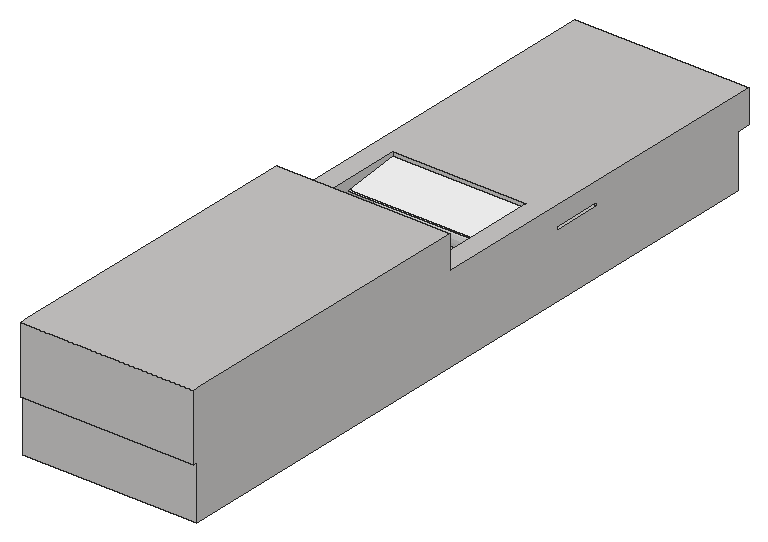
Revit family "Paper_Towel_Dispenser_Waste_Receptacle-Bobrick-Fino_Collection-B-9944_Series", category Specialty Equipment, host Face, Revit 2021
Family settings
  Host = Face
  Round Connector Dimension = Use Diameter
  Part Type = Normal
  OmniClass Number = 23.40.20.21.17
  OmniClass Title = Paper Towel Dispensers, Disposal Units
  Cut with Voids When Loaded = Yes
  Shared = Yes
  Room Calculation Point = No
Parameters (values of type "B-9944")
  Width = 13"  # constant formula
  URL = "https://www.bobrick.com/"
  Type Comments = ""
  Rough Wall Opening Width = 11 1/2"  # constant formula
  Rough Wall Opening Height = 51 1/4"  # constant formula
  Rough Wall Opening Depth = 4 1/4"  # constant formula
  Paper Towel Dispenser Material = Stainless Steel-Bobrick-Satin
  Paper Towel Dispenser Capacity = "500 C-fold, or 800 multifold paper towels"  # constant formula
  Minimum Recessed Depth = 4"
  Mounting Height = if(ADA, 66", 58")  # 66"
  Model = "B-9944"
  Material = "Stainless Steel-Bobrick-Satin"
  Manufacturer = "Bobrick"  # constant formula
  Label = ""
  Installation Type = "Semi Recessed Wall Mounted"  # constant formula
  Inner Frame Width = 11 1/4"  # constant formula
  Height = 52"  # constant formula
  Waste Container Material = Molded Plastic-Bobrick-Black
  Door Material = Stainless Steel-Bobrick-Satin
  Description = "Semi-Recessed Paper Towel Dispenser and Waste Receptacle"  # constant formula
  Depth Of Body = 5"  # constant formula
  Default Elevation = 0"
  Creation Date = "10/02/2025"  # constant formula
  Capacity = "Paper towel dispenser shall be capable of dispensing 500 C-fold, or 800 multifold paper towels."  # constant formula
  Cabinet Material = Stainless Steel-Bobrick-Satin
  Assembly Code = "C1030200"
  ADA Compliant = if(ADA, 1 > 0, 1 < 0)  # yes
  ADA = yes
  9944-14 Waste Receptacle Replacement = no
  4369-20.MBLK Matte Black Lock and Key = no
  4369-20 Satin Finish Lock and Key = no
Types (2): name | Paper Towel Dispenser Material | Model | Material | Door Material | Cabinet Material
  B-9944 | Stainless Steel-Bobrick-Satin | "B-9944" | "Stainless Steel-Bobrick-Satin" | Stainless Steel-Bobrick-Satin | Stainless Steel-Bobrick-Satin
  B-9944.MBLK | Stainless Steel-Bobrick-Matte Black | "B-9944.MBLK" | "Stainless Steel-Bobrick-Matte Black" | Stainless Steel-Bobrick-Matte Black | Stainless Steel-Bobrick-Matte Black
Reference planes (in)
  plane 1 "Center (Front/Back)": y = 0
  plane 2: z = 0
  plane 3 "Center (Left/Right)": x = 0
  plane 4: z = -4
  plane 5: y = -52
  plane 6: x = -6.5
  plane 7: x = 6.5
  plane 8 "FL": y = -66
  plane 9: y = -19
  plane 10: z = 5
  plane 11: z = 2.5
  plane 12: y = -28
  plane 13: y = -51.75
  plane 14: y = -1
  plane 15: x = -5.625
  plane 16: x = 5.625
  plane 17: y = -51.5
  plane 18: z = -4.25
  plane 19: y = -26
  plane 20: y = -0.375
  plane 21: y = -51.625
  plane 22: x = -5.625
  plane 23: x = 5.625
Forms (in)
  Extrusion 1, solid, material "Stainless Steel-Bobrick-Satin" <- "Paper Towel Dispenser Material"
    sketch origin (0, 0, 0) x (1, 0, 0) y (0, 1, 0)
      loop
        line (-6.5, 0) -> (-6.5, -28) -> (6.5, -28) -> (6.5, 0) -> (-6.5, 0)
    from 0 to 2.5
  Extrusion 2, solid, material "Stainless Steel-Bobrick-Satin" <- "Paper Towel Dispenser Material"
    sketch origin (0, 0, 0) x (1, 0, 0) y (0, 0, 1)
      loop
        line (6.5, 5) -> (-6.5, 5) -> (-6.5, 0) -> (-5, 0) -> (-5, 4.5) -> (5, 4.5) -> (5, 0) -> (6.5, 0) -> (6.5, 5)
    from 28 to 52
  Extrusion 3, void
    sketch origin (0, 0, 0) x (0, 1, 0) y (0, 0, 1)
      loop
        line (-17.96656, 1.06285) -> (-17.96656, 0.81285) -> (-14.21656, 0.81285) -> (-14.21656, 1.06285) -> (-17.96656, 1.06285)
    from -6.5 to 6.5
  Extrusion 4, solid, material "Stainless Steel-Bobrick-Satin" <- "Paper Towel Dispenser Material"
    sketch origin (0, 0, 0) x (0, 1, 0) y (0, 0, 1)
      loop
        line (-1, 0) -> (-51.75, 0) -> (-51.75, -4) -> (-1, -4) -> (-1, 0)
    from -6.5 to 6.5
  Extrusion 5, solid, material "Stainless Steel-Bobrick-Satin" <- "Paper Towel Dispenser Material"
    sketch origin (0, 0, 0) x (1, 0, 0) y (0, 1, 0)
      loop
        line (-6.5, -51.5) -> (-6.5, -52) -> (6.5, -52) -> (6.5, -51.5) -> (-6.5, -51.5)
    from 0 to 5
  Extrusion 6, void
    sketch origin (0, 0, 0) x (1, 0, 0) y (0, 1, 0)
      loop
        line (-5, -19) -> (-5, -28) -> (5, -28) -> (5, -19) -> (-5, -19)
    from -3.5 to 5
  Extrusion 7, void
    sketch origin (0, 0, 0) x (1, 0, 0) y (0, 0, 1)
      loop
        line (5, 4.5) -> (-5, 4.5) -> (-5, -3.5) -> (5, -3.5) -> (5, 4.5)
    from 28 to 51.5
  Extrusion 8, solid, material "Paper-Bobrick-White"
    sketch origin (0, 0, 0) x (0, 1, 0) y (0, 0, 1)
      loop
        arc (-20.54971, 1.12661) -> (-17.3758, -1.62117) -> (-19, 2.25) r 2.15581
        arc (-19, 2.25) -> (-21.04508, 1.95857) -> (-23.10243, 1.77264) r 40.17311
        arc (-23.10243, 1.77264) -> (-23.14984, 1.7187) -> (-23.09589, 1.67129) r 0.05078
        arc (-23.09589, 1.67129) -> (-22.07175, 1.75047) -> (-21.04997, 1.85575) r 40.27467
        arc (-21.04997, 1.85575) -> (-20.58009, 1.64195) -> (-20.54971, 1.12661) r 0.5
    from -5 to 5
  Extrusion 9, void
    sketch origin (0, 0, 0) x (1, 0, 0) y (0, 0, 1)
      loop
        line (5, 2.25) -> (-5, 2.25) -> (-5, -3.5) -> (5, -3.5) -> (5, 2.25)
    from 1.28001 to 21.34176
  Extrusion 10, void
    sketch origin (0, 0, 0) x (1, 0, 0) y (0, 1, 0)
      loop
        line (-5.625, -0.375) -> (-5.625, -51.625) -> (5.625, -51.625) -> (5.625, -0.375) -> (-5.625, -0.375)
    from -14.70637 to 12
Cuts and joins
  Extrusion 3, Extrusion 6, Extrusion 7, Extrusion 9 cuts Extrusion 1
  Extrusion 6, Extrusion 9 cuts Extrusion 2
  Extrusion 6, Extrusion 7, Extrusion 9 cuts Extrusion 4
  Extrusion 9 cuts Extrusion 5
  joined: Extrusion 1, Extrusion 2, Extrusion 4, Extrusion 5
Lines and regions (in)
  Split face 1
    outline origin (-5, -51.5, 4.5) x (0, 0, -1) y (0, 1, 0)
      loop
        line (2, 23.5) -> (8, 23.5)
  Split face 2
    outline origin (5, -51.5, -3.5) x (0, 0, 1) y (0, 1, 0)
      loop
        line (6, 23.5) -> (0, 23.5)
  Split face 3
    outline origin (-5, -51.5, -3.5) x (1, 0, 0) y (0, 1, 0)
      loop
        line (0, 23.5) -> (10, 23.5)
  Masking region 1
    outline origin (0, 0, 0) x (1, 0, 0) y (0, 0, 1)
      loop
        line (6.5, 5) -> (-6.5, 5) -> (-6.5, -4) -> (6.5, -4) -> (6.5, 5)
  symbolic lines, detail levels medium+fine
    curve 1: line (-6.5, 0, 0) -> (6.5, 0, 0)
    curve 2: line (6.5, 0, 2.5) -> (-6.5, 0, 2.5)
  symbolic lines, detail levels fine
    curve 3: line (5, 0, 2.5) -> (5, 0, 4.5)
    curve 4: line (-5, 0, 4.5) -> (5, 0, 4.5)
    curve 5: line (-5, 0, 4.5) -> (-5, 0, 2.5)
Dimensions and locks (in)
  "Minimum Recessed Depth": host face to plane 4
  "Height": plane 5 to plane 1 "Center (Front/Back)"
  equal spacing: plane 6, plane 3 "Center (Left/Right)", plane 7
  "Width": plane 6 to plane 7
  "Mounting Height": plane 8 "FL" to plane 1 "Center (Front/Back)"
  plane 9 to plane 5 = 33"
  "Depth Of Body": plane 10 to level
  equal spacing: plane 10, plane 11, level
  locked: plane 13 to plane 14 at 50.75
  locked: plane 14 to plane 1 "Center (Front/Back)" at 1
  equal spacing: plane 15, plane 3 "Center (Left/Right)", plane 16
  "Inner Frame Width": plane 15 to plane 16
  plane 1 "Center (Front/Back)" to plane 9 = 19"
  plane 14 to plane 13 = 50 3/4"
  "Rough Wall Opening Depth": level to plane 18
  equal spacing: plane 5, plane 19, plane 1 "Center (Front/Back)", locked at 26 each
  equal spacing: plane 21, plane 19, plane 20
  "Rough Wall Opening Height": plane 20 to plane 21
  "Inner Frame Width": plane 22 to plane 23
  equal spacing: plane 22, plane 3 "Center (Left/Right)", plane 23
  aligned and locked: plane 2 to host face
  aligned and locked: level to host face
  aligned and locked: plane 10 to Extrusion 2 sketch curve
  aligned and locked: Extrusion 2 sketch curve to plane 7
  aligned and locked: Extrusion 2 sketch curve to Extrusion 1  (x2)
  aligned and locked: Extrusion 2 to plane 5
  aligned and locked: plane 12 to Extrusion 2
  aligned and locked: Extrusion 3 to plane 6
  aligned and locked: Extrusion 3 to plane 7
  aligned and locked: level to Extrusion 4 sketch curve
  aligned and locked: plane 14 to Extrusion 4 sketch curve
  aligned and locked: Extrusion 4 sketch curve to plane 4
  aligned and locked: plane 13 to Extrusion 4 sketch curve
  aligned and locked: Extrusion 5 sketch curve to Extrusion 2  (x2)
  aligned and locked: plane 6 to Extrusion 5 sketch curve
  aligned and locked: Extrusion 5 to level
  aligned and locked: plane 10 to Extrusion 5
  aligned and locked: Extrusion 4 to plane 6
  aligned and locked: Extrusion 4 to plane 7
  aligned and locked: plane 12 to Extrusion 7
  aligned and locked: plane 17 to Extrusion 7
  aligned and locked: cut or joined group 1 (Extrusion 1, Extrusion 2, Extrusion 3, Extrusion 4, Extrusion 5, Extrusion 6, Extrusion 7, Extrusion 9) to Extrusion 8  (x2)
  aligned and locked: plane 17 to Extrusion 5 sketch curve
  aligned and locked: Extrusion 10 sketch curve to plane 22
  aligned and locked: plane 23 to Extrusion 10 sketch curve
  aligned and locked: Extrusion 10 sketch curve to plane 20
  aligned and locked: plane 21 to Extrusion 10 sketch curve
  aligned and locked: Masking region 1 sketch curve to cut or joined group 1  (x4)
  aligned and locked: curve 1 to cut or joined group 1
  aligned and locked: curve 2 to cut or joined group 1
  aligned and locked: cut or joined group 1 to curve 3
  aligned and locked: curve 4 to cut or joined group 1
  aligned and locked: curve 5 to cut or joined group 1
Automatic sketch dimensions
  host sketch curve to host sketch curve = 96"
  host sketch curve to host sketch curve = 78 3/128"
  Extrusion 1 sketch curve to plane 6 = 0"
  Extrusion 1 sketch curve to plane 7 = 0"
  Extrusion 1 sketch curve to plane 12 = 0"
  plane 1 "Center (Front/Back)" to Extrusion 1 sketch curve = 0"
  Extrusion 2 sketch curve to level = 0"
  Extrusion 2 sketch curve to plane 15 = 5/8"
  Extrusion 2 sketch curve to plane 16 = 5/8"
  Extrusion 2 sketch curve to plane 10 = 1/2"
  plane 9 to Extrusion 3 sketch curve = 1.03344"
  level to Extrusion 3 sketch curve = 0.81285"
  Extrusion 3 sketch curve to Extrusion 3 sketch curve = 3 3/4"
  Extrusion 3 sketch curve to Extrusion 3 sketch curve = 1/4"
  Extrusion 6 sketch curve to plane 12 = 0"
  Extrusion 6 sketch curve to plane 9 = 0"
  Extrusion 6 sketch curve to plane 15 = 5/8"
  Extrusion 6 sketch curve to plane 16 = 5/8"
  Extrusion 7 sketch curve to plane 15 = 5/8"
  Extrusion 7 sketch curve to plane 16 = 5/8"
  plane 4 to Extrusion 7 sketch curve = 1/2"
  Extrusion 7 sketch curve to plane 10 = 1/2"
  Extrusion 8 sketch curve to Extrusion 8 sketch curve = 0"  (x5)
  Extrusion 8 sketch curve to plane 9 = 0"  (x2)
  Extrusion 8 sketch curve to plane 9 = 1.99238"
  Extrusion 8 sketch curve to plane 11 = 0.77804"
  Extrusion 8 sketch curve to Extrusion 8 sketch curve = 2.10678"
  plane 19 to Extrusion 8 sketch curve = 0.3117"
  level to Extrusion 8 sketch curve = 0.12428"
  plane 9 to Extrusion 8 sketch curve = 0.35891"
  Extrusion 8 sketch curve to plane 11 = 1.14092"
  plane 10 to Extrusion 8 sketch curve = 36.86244"
  Extrusion 9 sketch curve to plane 11 = 1/4"
  Extrusion 9 sketch curve to plane 15 = 5/8"
  Extrusion 9 sketch curve to plane 16 = 5/8"
  plane 4 to Extrusion 9 sketch curve = 1/2"
  Split face 1 sketch curve to cut or joined group 1 = 0"  (x2)
  cut or joined group 1 to Split face 1 sketch curve = 0"
  Split face 2 sketch curve to cut or joined group 1 = 0"  (x2)
  cut or joined group 1 to Split face 2 sketch curve = 0"
  Split face 3 sketch curve to cut or joined group 1 = 0"  (x2)
  Split face 3 sketch curve to cut or joined group 1 = 23 1/2"
  curve 2 to plane 6 = 0"
  curve 1 to plane 6 = 0"
  plane 7 to curve 1 = 0"
  plane 7 to curve 2 = 0"
